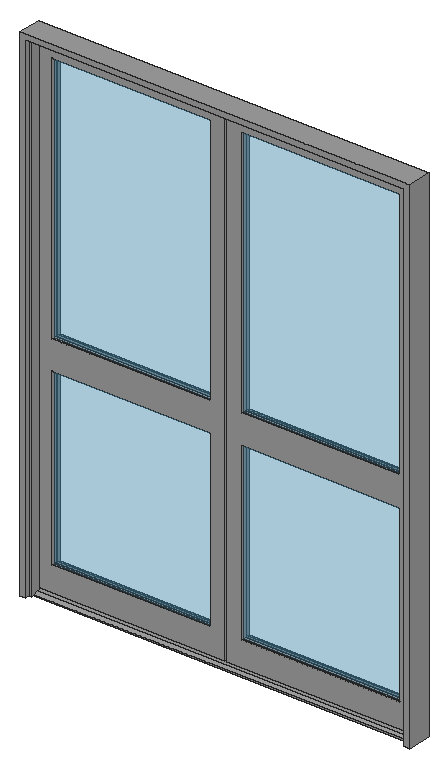
Revit family "NS-212 DOOR-Double-VIP-1-PD-CW_v05", category Curtain Panels, Revit 2015
Parameters
  Width [instance] = 6' - 2"
  VIP 2 Panic Devices [instance] = not(VIP 1 Panic Devices)  # yes
  VIP 1 Panic Devices [instance] = no
  URL = "obe.com"
  Rough Width [instance] = 6' - 0"
  Panel Width [instance] = Min Panel Width  # 6' - 0"
  Panel Offset [instance] = 0' - 0"
  Offset [instance] = 0' - 1"
  Model = "NS-212 DOOR"
  Min Rough Width [instance] = if(Rough Width > 6' 1 255/256", Rough Width, 6' 2")  # 6' - 2"
  Min Panel Width [instance] = if(Rough Width > 6' 1 255/256", Rough Width - 0' 2", 6' 0")  # 6' - 0"
  Manufacturer = "Oldcastle BuildingEnvelope®"
  Keynote = "08 11 00"
  Height [instance] = 8' - 0"
  Pushbar Height [instance] = 3' - 5 1/4"  # constant formula
  Glass Material = Glass
  Frame Material = Aluminum
  Door Panel Height [instance] = Height - 0' 0 15/32"  # 7' - 11 17/32"
  Description = "NS-212 - 1\" Door Infill"
  Assembly Code = "B2030"
  Analytic Construction = "<None>"
  6.5 Bottom Rail [instance] = not([4 Bottom Rail])  # no
  4 Bottom Rail [instance] = yes
Reference planes (in)
  plane 1 "Front": y = 0
  plane 2: z = 0
  plane 3 "Center (Left/Right)": x = 0
  plane 4 "Left": x = -37
  plane 5 "Right": x = 37
  plane 6 "Top": z = 96
  plane 7 "Offset": y = -1
  plane 8: y = -2.28244
  plane 9: y = -2.28244
  plane 10: x = -37
  plane 11: x = 37
Forms (in)
  Sweep 1, solid, material "Aluminum" <- "Frame Material"
    path origin (0, -1, 0) x (-1, 0, 0) y (0, 0, 1)
      loop
        line (37, 0) -> (37, 96)
    profile origin (-37, -1, 48) x (1, 0, 0) y (0, 1, 0)
      loop
        line (1, -1.97) -> (1, 0) -> (0, 0) -> (0, -4.5) -> (1, -4.5) -> (1, -3.595) -> (1.5, -3.595) -> (1.5, -1.97) -> (1, -1.97)
  Sweep 2, solid, material "Aluminum" <- "Frame Material"
    path origin (0, -1, 0) x (-1, 0, 0) y (0, 0, 1)
      loop
        line (-37, 0) -> (-37, 96)
    profile origin (37, -1, 48) x (1, 0, 0) y (0, 1, 0)
      loop
        line (-1, -1.97) -> (-1.5, -1.97) -> (-1.5, -3.595) -> (-1, -3.595) -> (-1, -4.5) -> (0, -4.5) -> (0, 0) -> (-1, 0) -> (-1, -1.97)
  Extrusion 3, solid, material "Aluminum" <- "Frame Material"
    sketch origin (-37, 0, 0) x (0, -1, 0) y (0, 0, 1)
      loop
        line (2.97, 94.5) -> (4.595, 94.5) -> (4.595, 95) -> (5.5, 95) -> (5.5, 96) -> (1, 96) -> (1, 95) -> (2.97, 95) -> (2.97, 94.5)
    from -74 to 0
Cuts and joins
  joined: Sweep 1, Sweep 2, Extrusion 3
Text (in)
  text "Exterior" at (-54.29358, 31.38743, 0), in view "Ref. Level"
  text "Exterior" at (480, 41.53993, 89.60405), in view "Right"
  text "Exterior" at (-240, 57.82419, 105.78864), in view "Left"
Dimensions and locks (in)
  equal spacing: plane 4 "Left", plane 3 "Center (Left/Right)", plane 5 "Right"
  "Width": plane 4 "Left" to plane 5 "Right"
  "Height": plane 6 "Top" to plane 2
  "Offset": plane 1 "Front" to plane 7 "Offset"
  locked: plane 7 "Offset" to plane 8 at 1.28244
  locked: plane 7 "Offset" to plane 9 at 1.28244
  Extrusion 3 sketch curve to Extrusion 3 sketch curve to Extrusion 3 sketch curve = 0' - 0 1/2" locked, 0' - 0" locked
  nested 1 to Extrusion 3 sketch curve to Extrusion 3 sketch curve to Extrusion 3 sketch curve to Extrusion 3 sketch curve = 0' - 9.09525" locked, 0' - 1.97" locked, 0' - 1 5/8" locked, 0' - 0.905" locked
  equal spacing: plane 10, plane 3 "Center (Left/Right)", plane 11
  "Min Rough Width": plane 10 to plane 11
  aligned and locked: level to plane 2
  aligned and locked: plane 3 "Center (Left/Right)" to nested 1
  aligned and locked: plane 6 "Top" to Sweep 1 sketch curve
  aligned and locked: level to Sweep 1 sketch curve
  aligned and locked: plane 6 "Top" to Sweep 2 sketch curve
  aligned and locked: level to Sweep 2 sketch curve
  aligned and locked: Extrusion 3 to plane 6 "Top"
  aligned and locked: Extrusion 3 sketch curve to plane 6 "Top"
  aligned and locked: plane 10 to Sweep 1 sketch curve
  aligned and locked: Sweep 2 sketch curve to plane 11
  aligned and locked: plane 11 to cut or joined group of Sweep 1, Sweep 2, Extrusion 3
  aligned and locked: plane 10 to cut or joined group of Sweep 1, Sweep 2, Extrusion 3
  aligned and locked: nested 1 to plane 7 "Offset"
Automatic sketch dimensions
  Sweep 1 sketch curve to profile plane = 0' - 0"
  Sweep 1 sketch curve to plane 7 "Offset" = 0' - 0"
  Sweep 1 sketch curve to profile plane = 0' - 1"  (x2)
  Sweep 1 sketch curve to Sweep 1 sketch curve = 0' - 0 1/2"
  Sweep 1 sketch curve to plane 7 "Offset" = 0' - 1.97"
  Sweep 1 sketch curve to Sweep 1 sketch curve = 0' - 1 5/8"
  Sweep 1 sketch curve to Sweep 1 sketch curve = 0' - 0.905"
  Sweep 2 sketch curve to plane 7 "Offset" = 0' - 0"
  Sweep 2 sketch curve to profile plane = 0' - 0"
  profile plane to Sweep 2 sketch curve = 0' - 1"  (x2)
  Sweep 2 sketch curve to Sweep 2 sketch curve = 0' - 0 1/2"
  Sweep 2 sketch curve to plane 7 "Offset" = 0' - 1.97"
  Sweep 2 sketch curve to Sweep 2 sketch curve = 0' - 1 5/8"
  Sweep 2 sketch curve to Sweep 2 sketch curve = 0' - 0.905"
  plane 6 "Top" to Extrusion 3 sketch curve = 0' - 1"
Nested families (in)
  nested 1: "NS-212 DOOR-Double-VIP-1-PD-Panel_v04" at (0, -4.90475, 0), Frame Material <- "Frame Material", Glass Material <- "Glass Material", 4 Bottom Rail <- "4 Bottom Rail", Height <- "Door Panel Height", Width <- "Min Panel Width", VIP1 Panic Devices <- "VIP 1 Panic Devices", type "NS-212 DOOR-Double-VIP-1-PD-Panel_v04"
    with Wing Width 3' - 0", built-in parameter 1001301 6' - 0", VIP2 Panic Devices yes, VIP1 Panic Devices no, Pushbar Height 3' - 5 1/4", Offset 0' - 9.09525", built-in parameter 1001300 7' - 11 17/32", Glass at Muntin 0' - 4 15/16", Glass Material Glass, Frame Material Aluminum, Bottom Rail 0' - 5 5/32", 6.5 Bottom Rail no, 4 Bottom Rail yes
Definition of nested family "NS-212 DOOR-Double-VIP-1-PD-Panel_v04"
  Parameters (values of type "NS-212 DOOR-Double-VIP-1-PD-Panel_v04")
    Wing Width [instance] = Width / 2  # 3' - 0"
    Width [instance] = 6' - 0"
    Offset [instance] = 0' - 8 1/32"
    Height [instance] = 8' - 0"
    Glass at Muntin [instance] = if(VIP2 Panic Devices, 0' 4 15/16", 0' 8 15/16")  # 0' - 4 15/16"
    Pushbar Height [instance] = 3' - 5 1/4"  # constant formula
    Glass Material [instance] = none
    Frame Material [instance] = none
    Bottom Rail [instance] = if([4 Bottom Rail], 0' 5 5/32", 0' 7 21/32")  # 0' - 5 5/32"
    VIP2 Panic Devices [instance] = not(VIP1 Panic Devices)  # yes
    VIP1 Panic Devices [instance] = no
    Analytic Construction = "<None>"
    4 Bottom Rail [instance] = yes
    6.5 Bottom Rail [instance] = not([4 Bottom Rail])  # no
  Reference planes (in)
    plane 1 "Center": y = 3.96875
    plane 2: z = 0
    plane 3 "Center (Left/Right)": x = 0
    plane 4: z = 96
    plane 5: x = 36
    plane 6: x = -36
    plane 7 "Center (Front/Back)": y = 13
    plane 8 "Exterior": y = 4.46875
    plane 9: z = 48
    plane 10: z = 92.625
    plane 11: z = 43.71875
    plane 12: z = 38.78125
    plane 13: z = 5.15625
    plane 14 "Offset": y = 4.96875
    plane 15: z = 41.25
  Forms (in)
    Sweep 1, solid, material <- "Frame Material"
      path origin (0, 3.96875, 0) x (1, 0, 0) y (0, 0, 1)
        loop
          line (-35.8285, 96) -> (-0.22004, 96)
      profile origin (-18.02427, 3.96875, 96) x (0, 0, 1) y (0, -1, 0)
        loop
          line (-0.53125, -0.875) -> (-0.53125, 0.875) -> (-3.65625, 0.875) -> (-3.65625, 0.5) -> (-3.375, 0.5) -> (-3.375, -0.5) -> (-3.65625, -0.5) -> (-3.65625, -0.875) -> (-0.53125, -0.875)
    Sweep 2, solid, material <- "Frame Material"
      path origin (0, 4.96875, 0) x (1, 0, 0) y (0, 0, 1)
        loop
          line (-0.22004, 0) -> (-35.56475, 0)
      profile origin (-17.8924, 4.96875, 0) x (0, 0, -1) y (0, -1, 0)
        loop
          line (-5.4375, 0.125) -> (-0.6875, 0.125) -> (-0.6875, 1.875) -> (-5.4375, 1.875) -> (-5.4375, 1.5) -> (-5.15625, 1.5) -> (-5.15625, 0.5) -> (-5.4375, 0.5) -> (-5.4375, 0.125)
    Sweep 3, solid, material <- "Frame Material"
      path origin (0, 3.96875, 0) x (1, 0, 0) y (0, 0, 1)
        loop
          line (36, 95.46875) -> (36, 0.6875)
      profile origin (36, 3.96875, 48.07812) x (0, -1, 0) y (1, 0, 0)
        loop
          line (-0.875, -0.0625) -> (-0.875, -2.9375) -> (-0.5, -2.9375) -> (-0.5, -2.65625) -> (0.5, -2.65625) -> (0.5, -2.9375) -> (0.875, -2.9375) -> (0.875, -0.1715) -> (-0.875, -0.0625)
    Sweep 4, solid, material <- "Frame Material"
      path origin (0, 3.96875, 0) x (1, 0, 0) y (0, 0, 1)
        loop
          line (-36, 95.46875) -> (-36, 0.6875)
      profile origin (-36, 3.96875, 48.07812) x (0, -1, 0) y (1, 0, 0)
        loop
          line (-0.875, 0.0625) -> (0.875, 0.1715) -> (0.875, 2.9375) -> (0.5, 2.9375) -> (0.5, 2.65625) -> (-0.5, 2.65625) -> (-0.5, 2.9375) -> (-0.875, 2.9375) -> (-0.875, 0.0625)
    Sweep 5, solid, material <- "Frame Material"
      path origin (0, 3.96875, 0) x (1, 0, 0) y (0, 0, 1)
        loop
          line (-2.65625, 48) -> (-33.34375, 48)
      profile origin (-18, 3.96875, 48) x (0, 0, -1) y (0, -1, 0)
        loop
          line (9.5, -0.875) -> (9.5, -0.5) -> (9.21875, -0.5) -> (9.21875, 0.5) -> (9.5, 0.5) -> (9.5, 0.875) -> (4, 0.875) -> (4, 0.5) -> (4.28125, 0.5) -> (4.28125, -0.5) -> (4, -0.5) -> (4, -0.875) -> (9.5, -0.875)
    Sweep 6, solid, material <- "Frame Material"
      path origin (0, 3.96875, 0) x (1, 0, 0) y (0, 0, 1)
        loop
          line (0, 95.46875) -> (0, 0.6875)
      profile origin (0, 3.96875, 48.07812) x (0, -1, 0) y (1, 0, 0)
        loop
          line (-0.875, -0.22063) -> (-0.875, -2.9375) -> (-0.5, -2.9375) -> (-0.5, -2.65625) -> (0.5, -2.65625) -> (0.5, -2.9375) -> (0.875, -2.9375) -> (0.875, -0.22063)
          arc (0.875, -0.22063) -> (0, -0.0625) -> (-0.875, -0.22063) r 2.5
        loop
          arc (-0.875, 0.22063) -> (0, 0.0625) -> (0.875, 0.22063) r 2.5
          line (0.875, 0.22063) -> (0.875, 2.9375) -> (0.5, 2.9375) -> (0.5, 2.65625) -> (-0.5, 2.65625) -> (-0.5, 2.9375) -> (-0.875, 2.9375) -> (-0.875, 0.22063)
    Sweep 7, solid, material <- "Frame Material"
      path origin (0, 3.96875, 0) x (1, 0, 0) y (0, 0, 1)
        loop
          line (0.22004, 96) -> (35.8285, 96)
      profile origin (18.02427, 3.96875, 96) x (0, 0, 1) y (0, -1, 0)
        loop
          line (-0.53125, -0.875) -> (-0.53125, 0.875) -> (-3.65625, 0.875) -> (-3.65625, 0.5) -> (-3.375, 0.5) -> (-3.375, -0.5) -> (-3.65625, -0.5) -> (-3.65625, -0.875) -> (-0.53125, -0.875)
    Sweep 8, solid, material <- "Frame Material"
      path origin (0, 3.96875, 0) x (1, 0, 0) y (0, 0, 1)
        loop
          line (33.34375, 48) -> (2.65625, 48)
      profile origin (18, 3.96875, 48) x (0, 0, -1) y (0, -1, 0)
        loop
          line (9.5, -0.875) -> (9.5, -0.5) -> (9.21875, -0.5) -> (9.21875, 0.5) -> (9.5, 0.5) -> (9.5, 0.875) -> (4, 0.875) -> (4, 0.5) -> (4.28125, 0.5) -> (4.28125, -0.5) -> (4, -0.5) -> (4, -0.875) -> (9.5, -0.875)
    Sweep 9, solid, material <- "Frame Material"
      path origin (0, 3.96875, 0) x (1, 0, 0) y (0, 0, 1)
        loop
          line (35.56475, 0) -> (0.22004, 0)
      profile origin (17.8924, 3.96875, 0) x (0, 0, -1) y (0, -1, 0)
        loop
          line (-5.4375, -0.875) -> (-0.6875, -0.875) -> (-0.6875, 0.875) -> (-5.4375, 0.875) -> (-5.4375, 0.5) -> (-5.15625, 0.5) -> (-5.15625, -0.5) -> (-5.4375, -0.5) -> (-5.4375, -0.875)
    Extrusion 10, solid, material <- "Glass Material", detail levels coarse
      sketch origin (0, 0, 0) x (1, 0, 0) y (0, 1, 0)
        loop
          line (-33.34375, 4.46875) -> (-33.34375, 3.46875) -> (-2.65625, 3.46875) -> (-2.65625, 4.46875) -> (-33.34375, 4.46875)
      from 5.15625 to 38.78125
    Extrusion 11, solid, material <- "Glass Material", detail levels coarse
      sketch origin (0, 0, 0) x (1, 0, 0) y (0, 1, 0)
        loop
          line (2.65625, 4.46875) -> (2.65625, 3.46875) -> (33.34375, 3.46875) -> (33.34375, 4.46875) -> (2.65625, 4.46875)
      from 5.15625 to 38.78125
    Extrusion 12, solid, material <- "Glass Material", detail levels coarse
      sketch origin (0, 0, 0) x (1, 0, 0) y (0, 1, 0)
        loop
          line (-2.65625, 4.46875) -> (-33.34375, 4.46875) -> (-33.34375, 3.46875) -> (-2.65625, 3.46875) -> (-2.65625, 4.46875)
      from 43.71875 to 92.625
    Extrusion 13, solid, material <- "Glass Material", detail levels coarse
      sketch origin (0, 0, 0) x (1, 0, 0) y (0, 1, 0)
        loop
          line (33.34375, 4.46875) -> (2.65625, 4.46875) -> (2.65625, 3.46875) -> (33.34375, 3.46875) -> (33.34375, 4.46875)
      from 43.71875 to 92.625
    Extrusion 14, solid, material <- "Glass Material", detail levels medium+fine
      sketch origin (0, 0, 0) x (1, 0, 0) y (0, 1, 0)
        loop
          line (-33.34375, 3.46875) -> (-2.65625, 3.46875) -> (-2.65625, 3.71875) -> (-33.34375, 3.71875) -> (-33.34375, 3.46875)
        loop
          line (-2.65625, 4.46875) -> (-33.34375, 4.46875) -> (-33.34375, 4.21875) -> (-2.65625, 4.21875) -> (-2.65625, 4.46875)
      from 5.15625 to 38.78125
    Extrusion 15, solid, material <- "Glass Material", detail levels medium+fine
      sketch origin (0, 0, 0) x (1, 0, 0) y (0, 1, 0)
        loop
          line (2.65625, 3.46875) -> (33.34375, 3.46875) -> (33.34375, 3.71875) -> (2.65625, 3.71875) -> (2.65625, 3.46875)
        loop
          line (33.34375, 4.46875) -> (2.65625, 4.46875) -> (2.65625, 4.21875) -> (33.34375, 4.21875) -> (33.34375, 4.46875)
      from 5.15625 to 38.78125
    Extrusion 16, solid, material <- "Glass Material", detail levels medium+fine
      sketch origin (0, 0, 0) x (1, 0, 0) y (0, 1, 0)
        loop
          line (-2.65625, 3.46875) -> (-2.65625, 3.71875) -> (-33.34375, 3.71875) -> (-33.34375, 3.46875) -> (-2.65625, 3.46875)
        loop
          line (-33.34375, 4.46875) -> (-33.34375, 4.21875) -> (-2.65625, 4.21875) -> (-2.65625, 4.46875) -> (-33.34375, 4.46875)
      from 43.71875 to 92.625
    Extrusion 17, solid, material <- "Glass Material", detail levels medium+fine
      sketch origin (0, 0, 0) x (1, 0, 0) y (0, 1, 0)
        loop
          line (33.34375, 3.46875) -> (33.34375, 3.71875) -> (2.65625, 3.71875) -> (2.65625, 3.46875) -> (33.34375, 3.46875)
        loop
          line (2.65625, 4.46875) -> (2.65625, 4.21875) -> (33.34375, 4.21875) -> (33.34375, 4.46875) -> (2.65625, 4.46875)
      from 43.71875 to 92.625
    Sweep 18, solid, material <- "Frame Material"
      path origin (0, 4.96875, 0) x (1, 0, 0) y (0, 0, 1)
        loop
          line (-35.83038, 0) -> (35.83038, 0)
      profile origin (0, 4.96875, 0) x (0, 0, 1) y (0, -1, 0)
        loop
          line (0.5, 2.468) -> (0.19364, 3.125) -> (0, 3.125) -> (0, -0.875) -> (0.19364, -0.875) -> (0.5, -0.218) -> (0.5, 2.468)
  Cuts and joins
    joined: Sweep 1, Sweep 2, Sweep 3, Sweep 4, Sweep 5, Sweep 6, Sweep 7, Sweep 8, Sweep 9
  Lines and regions (in)
    model lines
      curve 1: line (2.65625, 4.46875, 92.625) -> (33.08, 4.46875, 48)
      curve 2: line (33.08, 4.46875, 48) -> (2.65625, 4.46875, 5.15625)
      curve 3: line (-2.65625, 4.46875, 92.625) -> (-33.08, 4.46875, 48)
      curve 4: line (-33.08, 4.46875, 48) -> (-2.65625, 4.46875, 5.15625)
  Dimensions and locks (in)
    "Height": plane 4 to level
    "Width": plane 6 to plane 5
    "Offset": plane 14 "Offset" to plane 7 "Center (Front/Back)"
    equal spacing: level, plane 9, plane 4
    locked: Sweep 2 sketch curve to plane 6 at 0.43525
    locked: plane 3 "Center (Left/Right)" to Sweep 2 sketch curve at 0.22004
    locked: Sweep 3 sketch curve to plane 4 at 0.53125
    locked: Sweep 4 sketch curve to plane 4 at 0.53125
    locked: Sweep 1 sketch curve to plane 6 at 0.1715
    locked: plane 3 "Center (Left/Right)" to Sweep 1 sketch curve at 0.22004
    locked: plane 3 "Center (Left/Right)" to Sweep 5 sketch curve at 2.65625
    locked: Sweep 5 sketch curve to plane 6 at 2.65625
    locked: Sweep 7 sketch curve to plane 3 "Center (Left/Right)" at 0.22004
    locked: plane 5 to Sweep 7 sketch curve at 0.1715
    locked: plane 5 to Sweep 8 sketch curve at 2.65625
    locked: Sweep 8 sketch curve to plane 3 "Center (Left/Right)" at 2.65625
    locked: plane 5 to Sweep 9 sketch curve at 0.43525
    locked: Sweep 9 sketch curve to plane 3 "Center (Left/Right)" at 0.22004
    Extrusion 11 sketch curve to plane 1 "Center" to Extrusion 11 sketch curve = 0' - 0 1/2" locked, 0' - 0 1/2" locked
    locked: Extrusion 11 sketch curve to plane 5 at 2.65625
    locked: plane 3 "Center (Left/Right)" to Extrusion 11 sketch curve at 2.65625
    Extrusion 10 sketch curve to plane 1 "Center" to Extrusion 10 sketch curve = 0' - 0 1/2" locked, 0' - 0 1/2" locked
    locked: plane 6 to Extrusion 10 sketch curve at 2.65625
    locked: Extrusion 10 sketch curve to plane 3 "Center (Left/Right)" at 2.65625
    locked: plane 6 to Extrusion 12 sketch curve at 2.65625
    locked: Extrusion 12 sketch curve to plane 3 "Center (Left/Right)" at 2.65625
    Extrusion 12 sketch curve to plane 1 "Center" to Extrusion 12 sketch curve = 0' - 0 1/2" locked, 0' - 0 1/2" locked
    Extrusion 13 sketch curve to plane 1 "Center" to Extrusion 13 sketch curve = 0' - 0 1/2" locked, 0' - 0 1/2" locked
    locked: Extrusion 13 sketch curve to plane 5 at 2.65625
    locked: plane 3 "Center (Left/Right)" to Extrusion 13 sketch curve at 2.65625
    locked: Sweep 6 sketch curve to plane 4 at 0.53125
    locked: plane 13 to Sweep 2 sketch curve at 0.28125  (x2)
    locked: plane 11 to Sweep 5 sketch curve at 0.28125  (x2)
    locked: Sweep 5 sketch curve to plane 12 at 0.28125  (x2)
    "Glass at Muntin": plane 12 to plane 11
    locked: plane 10 to plane 4 at 3.375
    "Bottom Rail": plane 13 to plane 2
    locked: plane 13 to Sweep 9 sketch curve at 0.28125  (x2)
    locked: Sweep 8 sketch curve to plane 12 at 0.28125  (x2)
    locked: plane 11 to Sweep 8 sketch curve at 0.28125  (x2)
    plane 1 "Center" to plane 8 "Exterior" to plane 14 "Offset" = 0' - 0 1/2" locked, 0' - 0 1/2" locked
    equal spacing: plane 6, plane 3 "Center (Left/Right)", plane 5
    Extrusion 14 sketch curve to Extrusion 14 sketch curve to Extrusion 14 sketch curve to Extrusion 14 sketch curve to plane 14 "Offset" = 0' - 0 1/4" locked, 0' - 0 1/2" locked, 0' - 0 1/4" locked, 0' - 0 1/2" locked
    Extrusion 15 sketch curve to Extrusion 15 sketch curve to Extrusion 15 sketch curve to Extrusion 15 sketch curve to plane 14 "Offset" = 0' - 0 1/4" locked, 0' - 0 1/2" locked, 0' - 0 1/4" locked, 0' - 0 1/2" locked
    Extrusion 16 sketch curve to Extrusion 16 sketch curve to Extrusion 16 sketch curve to Extrusion 16 sketch curve to plane 14 "Offset" = 0' - 0 1/4" locked, 0' - 0 1/2" locked, 0' - 0 1/4" locked, 0' - 0 1/2" locked
    Extrusion 17 sketch curve to Extrusion 17 sketch curve to Extrusion 17 sketch curve to Extrusion 17 sketch curve to plane 14 "Offset" = 0' - 0 1/4" locked, 0' - 0 1/2" locked, 0' - 0 1/4" locked, 0' - 0 1/2" locked
    equal spacing: plane 12, plane 15, plane 11
    "Pushbar Height": plane 2 to plane 15
    locked: Sweep 6 sketch curve to plane 2 at 0.6875
    locked: Sweep 4 sketch curve to plane 2 at 0.6875
    locked: Sweep 3 sketch curve to plane 2 at 0.6875
    locked: plane 5 to Sweep 18 sketch curve at 0.16962
    locked: Sweep 18 sketch curve to plane 6 at 0.16962
    "Offset": plane 7 "Center (Front/Back)" to plane 14 "Offset"
    aligned and locked: plane 2 to level
    aligned and locked: Sweep 2 sketch curve to level
    aligned and locked: plane 5 to Sweep 3 sketch curve
    aligned and locked: plane 6 to Sweep 4 sketch curve
    aligned and locked: Sweep 5 sketch curve to plane 9
    aligned and locked: plane 3 "Center (Left/Right)" to Sweep 6 sketch curve
    aligned and locked: Sweep 9 sketch curve to level
    aligned and locked: Sweep 8 sketch curve to plane 9
    aligned and locked: plane 4 to Sweep 7 sketch curve
    aligned and locked: plane 13 to Sweep 2 sketch curve
    aligned and locked: Sweep 5 sketch curve to plane 11
    aligned and locked: Sweep 5 sketch curve to plane 12
    aligned and locked: Extrusion 11 to plane 12
    aligned and locked: plane 11 to Extrusion 13
    aligned and locked: Extrusion 13 to plane 10
    aligned and locked: plane 13 to Extrusion 10
    aligned and locked: Extrusion 10 to plane 12
    aligned and locked: plane 11 to Extrusion 12
    aligned and locked: Extrusion 12 to plane 10
    aligned and locked: cut or joined group of Sweep 1, Sweep 2, Sweep 3, Sweep 4, Sweep 5, Sweep 6, Sweep 7, Sweep 8, Sweep 9 to curve 1
    aligned and locked: cut or joined group of Sweep 1, Sweep 2, Sweep 3, Sweep 4, Sweep 5, Sweep 6, Sweep 7, Sweep 8, Sweep 9 to curve 2
    aligned and locked: cut or joined group of Sweep 1, Sweep 2, Sweep 3, Sweep 4, Sweep 5, Sweep 6, Sweep 7, Sweep 8, Sweep 9 to curve 3
    aligned and locked: plane 9 to curve 4
    aligned and locked: plane 9 to curve 1
    aligned and locked: plane 13 to Extrusion 11
    aligned and locked: cut or joined group of Sweep 1, Sweep 2, Sweep 3, Sweep 4, Sweep 5, Sweep 6, Sweep 7, Sweep 8, Sweep 9 to curve 4
    aligned and locked: plane 13 to Extrusion 14
    aligned and locked: Extrusion 14 to plane 12
    aligned and locked: plane 11 to Extrusion 16
    aligned and locked: Extrusion 16 to plane 10
    aligned and locked: Extrusion 17 to plane 10
    aligned and locked: plane 11 to Extrusion 17
    aligned and locked: Extrusion 15 to plane 12
    aligned and locked: plane 13 to Extrusion 15
    aligned and locked: Sweep 18 sketch curve to plane 2
    aligned and locked: Extrusion 16 sketch curve to Extrusion 16 sketch curve
    aligned and locked: Extrusion 16 sketch curve to curve 3
    aligned and locked: curve 3 to Extrusion 16 sketch curve
    aligned and locked: Extrusion 17 sketch curve to cut or joined group of Sweep 1, Sweep 2, Sweep 3, Sweep 4, Sweep 5, Sweep 6, Sweep 7, Sweep 8, Sweep 9
    aligned and locked: Extrusion 17 sketch curve to Extrusion 17 sketch curve
    aligned and locked: Extrusion 14 to cut or joined group of Sweep 1, Sweep 2, Sweep 3, Sweep 4, Sweep 5, Sweep 6, Sweep 7, Sweep 8, Sweep 9
    aligned and locked: Extrusion 14 sketch curve to Extrusion 14 sketch curve
    aligned and locked: Extrusion 15 sketch curve to cut or joined group of Sweep 1, Sweep 2, Sweep 3, Sweep 4, Sweep 5, Sweep 6, Sweep 7, Sweep 8, Sweep 9
    aligned and locked: Extrusion 15 sketch curve to Extrusion 15 sketch curve
  Automatic sketch dimensions
    profile plane to Sweep 9 sketch curve = 0' - 0 11/16"
    Sweep 9 sketch curve to Sweep 9 sketch curve = 0' - 0 3/8"  (x2)
    Sweep 9 sketch curve to Sweep 9 sketch curve = 0' - 0 9/32"
    plane 1 "Center" to Sweep 9 sketch curve = 0' - 0 1/2"
    Sweep 8 sketch curve to plane 1 "Center" = 0' - 0 7/8"
    Sweep 8 sketch curve to Sweep 8 sketch curve = 0' - 0 3/8"  (x4)
    plane 1 "Center" to Sweep 8 sketch curve = 0' - 0 7/8"
    Sweep 8 sketch curve to Sweep 8 sketch curve = 0' - 0 9/32"  (x2)
    Sweep 1 sketch curve to plane 4 = 0' - 0"
    plane 1 "Center" to Sweep 6 sketch curve = 0' - 0"  (x2)
    Sweep 6 sketch curve to plane 1 "Center" = 0' - 0 1/2"  (x2)
    Sweep 6 sketch curve to profile plane = 0' - 0.22063"
    Sweep 6 sketch curve to plane 1 "Center" = 0' - 0 7/8"
    Sweep 6 sketch curve to Sweep 6 sketch curve = 0' - 0 3/8"  (x3)
    plane 1 "Center" to Sweep 6 sketch curve = 0' - 0 1/2"  (x2)
    profile plane to Sweep 6 sketch curve = 0' - 0.22063"
    Sweep 6 sketch curve to Sweep 6 sketch curve = 0' - 2.34187"  (x2)
    Sweep 6 sketch curve to Sweep 6 sketch curve = 0' - 0 3/32"  (x2)
    Sweep 6 sketch curve to Sweep 6 sketch curve = 0' - 0 9/32"  (x4)
    profile plane to Sweep 3 sketch curve = 0' - 0 1/16"
    Sweep 3 sketch curve to plane 1 "Center" = 0' - 0 7/8"
    Sweep 3 sketch curve to Sweep 3 sketch curve = 0' - 0 3/8"
    plane 1 "Center" to Sweep 3 sketch curve = 0' - 0 1/2"
    profile plane to Sweep 3 sketch curve = 0' - 0.1715"
    plane 1 "Center" to Sweep 3 sketch curve = 0' - 0 7/8"
    Sweep 3 sketch curve to Sweep 3 sketch curve = 0' - 2.48475"
    Sweep 3 sketch curve to Sweep 3 sketch curve = 0' - 0 9/32"  (x2)
    Sweep 4 sketch curve to plane 1 "Center" = 0' - 0 7/8"
    Sweep 4 sketch curve to Sweep 4 sketch curve = 0' - 0 3/8"
    plane 1 "Center" to Sweep 4 sketch curve = 0' - 0 1/2"
    Sweep 4 sketch curve to profile plane = 0' - 0.1715"
    plane 1 "Center" to Sweep 4 sketch curve = 0' - 0 7/8"
    Sweep 4 sketch curve to profile plane = 0' - 0 1/16"
    Sweep 4 sketch curve to Sweep 4 sketch curve = 0' - 2 19/32"
    Sweep 4 sketch curve to Sweep 4 sketch curve = 0' - 0 9/32"  (x2)
    curve 2 to plane 13 = 0' - 0"
    curve 4 to plane 13 = 0' - 0"
    curve 3 to plane 10 = 0' - 0"
    curve 1 to plane 10 = 0' - 0"
    plane 6 to curve 3 = 0' - 2.92"
    curve 2 to plane 5 = 0' - 2.92"
    Sweep 1 sketch curve to plane 1 "Center" = 0' - 0 1/2"
    profile plane to Sweep 1 sketch curve = 0' - 3 21/32"
    Sweep 1 sketch curve to Sweep 1 sketch curve = 0' - 0"
    Sweep 1 sketch curve to Sweep 1 sketch curve = 0' - 0 9/32"
    profile plane to Sweep 1 sketch curve = 0' - 0 17/32"
    Sweep 1 sketch curve to plane 1 "Center" = 0' - 0 7/8"
    plane 1 "Center" to Sweep 1 sketch curve = 0' - 0 1/2"
    plane 1 "Center" to Sweep 1 sketch curve = 0' - 0 7/8"
    Sweep 7 sketch curve to plane 1 "Center" = 0' - 0 1/2"
    profile plane to Sweep 7 sketch curve = 0' - 3 21/32"
    Sweep 7 sketch curve to Sweep 7 sketch curve = 0' - 0"
    Sweep 7 sketch curve to Sweep 7 sketch curve = 0' - 0 9/32"
    profile plane to Sweep 7 sketch curve = 0' - 0 17/32"
    Sweep 7 sketch curve to plane 1 "Center" = 0' - 0 7/8"
    plane 1 "Center" to Sweep 7 sketch curve = 0' - 0 1/2"
    plane 1 "Center" to Sweep 7 sketch curve = 0' - 0 7/8"
    Sweep 9 sketch curve to plane 1 "Center" = 0' - 0 7/8"
    Sweep 18 sketch curve to profile plane = 0' - 0.19364"  (x2)
    Sweep 18 sketch curve to plane 14 "Offset" = 0' - 0 7/8"
    Sweep 18 sketch curve to profile plane = 0' - 0"
    Sweep 18 sketch curve to profile plane = 0' - 0 1/2"
    Sweep 18 sketch curve to plane 14 "Offset" = 0' - 0.218"
    Sweep 18 sketch curve to Sweep 18 sketch curve = 0' - 2.686"
    Sweep 18 sketch curve to Sweep 18 sketch curve = 0' - 0.657"
    plane 6 to Extrusion 16 sketch curve = 0' - 2 21/32"
    plane 3 "Center (Left/Right)" to Extrusion 17 sketch curve = 0' - 2 21/32"
    Extrusion 17 sketch curve to Extrusion 17 sketch curve = 0' - 0"
    plane 6 to Extrusion 14 sketch curve = 0' - 2 21/32"
    Extrusion 14 sketch curve to plane 3 "Center (Left/Right)" = 0' - 2 21/32"
    Extrusion 14 sketch curve to Extrusion 14 sketch curve = 0' - 0"
    plane 3 "Center (Left/Right)" to Extrusion 15 sketch curve = 0' - 2 21/32"
    Extrusion 15 sketch curve to Extrusion 15 sketch curve = 0' - 0"
    profile plane to Sweep 2 sketch curve = 0' - 0 1/8"
    profile plane to Sweep 2 sketch curve = 0' - 0 11/16"
    Sweep 2 sketch curve to Sweep 2 sketch curve = 0' - 0 3/8"
    Sweep 2 sketch curve to Sweep 2 sketch curve = 0' - 1"
    Sweep 2 sketch curve to Sweep 2 sketch curve = 0' - 1 3/4"
    Sweep 5 sketch curve to plane 1 "Center" = 0' - 0 7/8"
    Sweep 5 sketch curve to Sweep 5 sketch curve = 0' - 0 3/8"  (x3)
    plane 1 "Center" to Sweep 5 sketch curve = 0' - 0 1/2"  (x2)
